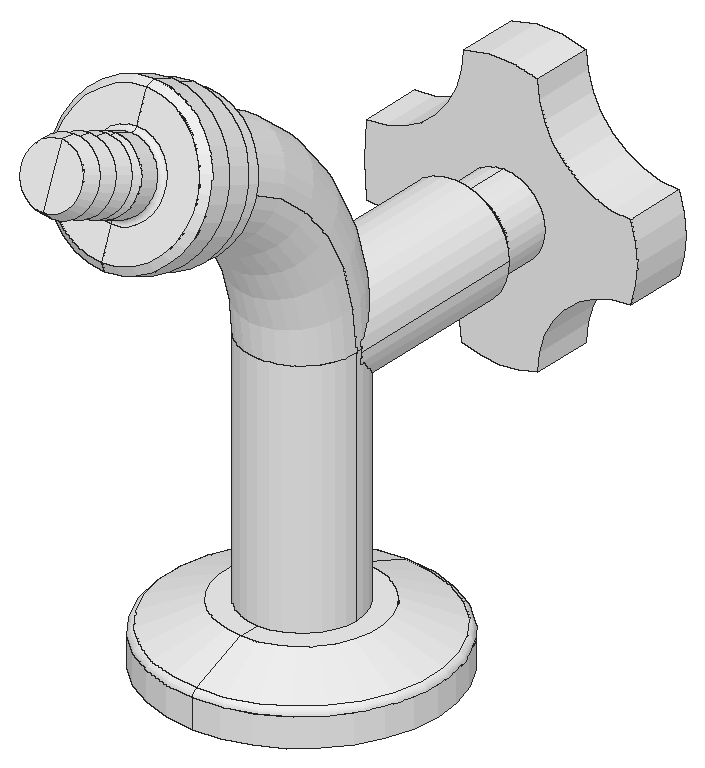
Revit family "Deca_Torneira Jardim Tanque Mangueira Standard_1153.C39", category Plumbing Fixtures, host Face, Revit 2010
Parameters (values of type "1153.C39_Cromado CR10")
  Vendido Separadamente = ""
  Variações de COR = "Cromado (1153.C39)"  # constant formula
  URL = "www.deca.com.br/produtos"
  Torneira = Deca CR10 Cromado Metal
  Segmento = "Competitivo"  # constant formula
  Raio Água Fria = 7.5 mm  # constant formula
  Produto = "Torneira jardim/tanque/mangueira Standard"  # constant formula
  Pressão = "2 A 40 mca"  # constant formula
  Peso Liquido (Kg) = 0.405
  Norma = "ABNT NBR 10281: 2003"  # constant formula
  Model = Código  # "1153.C39"
  Material = "Deca_Latão Cromado e Plástico de Engenharia"  # constant formula
  Manufacturer = "Deca"  # constant formula
  Louça/Metais = "Metal"  # constant formula
  Linha = "Standard"  # constant formula
  Informações Complementares = ""
  Flow Pressure = 0.00 psi
  Diâmetro Água Fria = Raio Água Fria * 2  # 15 mm
  Description = "Torneira jardim/tanque/mangueira"  # constant formula
  Default Elevation = 300 mm
  Código = "1153.C39"  # constant formula
  Criado por = "Contino/quattroD"  # constant formula
  Consumo = "Varia com a pressão"  # constant formula
  CWFU = 0
  Atendimento ao Cliente = "0800-0117073"  # constant formula
  Assembly Code = "D2020"
  Aprovado por = "Contino/quattroD"  # constant formula
  Acompanha o Produto = ""
Reference planes
  plane 1 "Center (Front/Back)": y = -110
  plane 2: z = 0
  plane 3 "Center (Left/Right)": x = 0
  plane 4 "Front 2": z = 110.117
  plane 5 "Front 1": z = 10.474
  plane 6 "Left 1": x = -25
  plane 7 "Top 1": y = -85
  plane 8 "Right 1": x = 24.99
  plane 9 "Bottom 1": y = -135
  plane 10 "Top 2": y = -50.053
Forms (mm)
  Revolve 1, solid, material "Deca CR10 Cromado Metal" <- "Torneira"
    sketch origin (0, 0, 0) x (0, 1, 0) y (0, 0, 1)
      loop
        line (-110, 10.464) -> (-110, 0) -> (-85, 0) -> (-85, 5.212)
        arc (-85, 5.212) -> (-85.301, 5.95) -> (-85.937, 6.43) r 1.5
        line (-85.937, 6.43) -> (-96.124, 10.464) -> (-110, 10.464)
      axis (-110, 0) -> (-110, 10.464)
    angle from 0 to 360
  Sweep 2, solid, material "Deca CR10 Cromado Metal" <- "Torneira"
    path origin (0, 0, 0) x (0, 1, 0) y (0, 0, 1)
      loop
        line (-110, 10.464) -> (-110, 54.301)
        arc (-110, 54.301) -> (-116.589, 76.252) -> (-134.178, 90.945) r 39.857
    profile origin (0, -110, 32.382) x (0, -1, 0) y (1, 0, 0)
      loop
        circle (0, 0) r 10
  Extrusion 3, solid, material "Deca CR10 Cromado Metal" <- "Torneira"
    sketch origin (-237.691, -110, -104.706) x (1, 0, 0) y (0, 0, 1)
      loop
        circle (237.768, 158.687) r 10
    from -34.838 to -1.098
  Extrusion 4, solid, material "Deca CR10 Cromado Metal" <- "Torneira"
    sketch origin (210.938, -104.577, -5.625) x (1, 0, 0) y (0, 0, 1)
      loop
        arc (-204.665, 83.324) -> (-211.488, 84.381) -> (-218.307, 83.299) r 22.289
        arc (-218.307, 83.299) -> (-223.485, 70.799) -> (-235.985, 65.622) r 17.678
        arc (-235.985, 65.622) -> (-236.41, 59.085) -> (-235.985, 52.549) r 50.402
        arc (-235.985, 52.549) -> (-223.749, 47.48) -> (-218.681, 35.245) r 17.304
        arc (-218.681, 35.245) -> (-211.697, 33.97) -> (-204.713, 35.245) r 19.775
        arc (-204.713, 35.245) -> (-199.756, 47.211) -> (-187.789, 52.168) r 16.924
        arc (-187.789, 52.168) -> (-186.478, 59.17) -> (-187.789, 66.173) r 19.347
        arc (-187.789, 66.173) -> (-199.82, 71.213) -> (-204.665, 83.324) r 16.877
    from -51.822 to -40.85
  Revolve 5, solid, material "Deca CR10 Cromado Metal" <- "Torneira"
    sketch origin (0, 0, 0) x (0, 1, 0) y (0, 0, 1)
      loop
        line (-75.162, 53.21) -> (-49.961, 53.21)
        arc (-49.961, 53.21) -> (-50.2, 56.992) -> (-50.914, 60.713) r 29.996
        line (-50.914, 60.713) -> (-72.03, 60.713) -> (-72.03, 59.698) -> (-75.162, 59.698) -> (-75.162, 53.21)
      axis (-75.162, 53.21) -> (-49.961, 53.21)
    angle from 0 to 360
  Revolve 6, solid, material "Deca CR10 Cromado Metal" <- "Torneira"
    sketch origin (0, -5.008, -7.375) x (0, 0.998473, -0.055243) y (0, 0.055243, 0.998473)
      loop
        line (-140.646, 108.073) -> (-141.038, 108.752) -> (-144.98, 110.187) -> (-146.652, 109.408) -> (-148.639, 103.949)
        arc (-148.639, 103.949) -> (-149.157, 103.392) -> (-149.917, 103.36) r 1
        line (-149.917, 103.36) -> (-153.574, 104.691) -> (-156.096, 104.704) -> (-155.805, 105.503) -> (-159.854, 106.072) -> (-159.564, 106.871) -> (-163.613, 107.441) -> (-163.323, 108.239) -> (-166.244, 108.398) -> (-168.142, 103.183) -> (-134.446, 90.92) -> (-131.216, 99.795)
        arc (-131.216, 99.795) -> (-133.009, 101.23) -> (-133.275, 103.498) r 3
        line (-133.275, 103.498) -> (-132.974, 104.323) -> (-136.35, 105.552) -> (-136.092, 106.416) -> (-140.646, 108.073)
      axis (-134.446, 90.92) -> (-168.142, 103.183)
    angle from 0 to 360
Cuts and joins
  joined: Extrusion 4, Revolve 5
Lines and regions (mm)
  Masking region 1
    outline origin (0, -110, 0) x (1, 0, 0) y (0, 0, 1)
      loop
        arc (-24.063, 6.43) -> (-24.751, 5.879) -> (-25.01, 5.036) r 1.5
        line (-25.01, 5.036) -> (-25.01, 0) -> (25.01, 0) -> (25.01, 5.036)
        arc (25.01, 5.036) -> (24.751, 5.879) -> (24.063, 6.43) r 1.5
        line (24.063, 6.43) -> (13.876, 10.464) -> (11.805, 10.464) -> (11.805, 42.932)
        arc (11.805, 42.932) -> (16.975, 46.479) -> (23.099, 47.822) r 16.365
        arc (23.099, 47.822) -> (23.779, 48.1) -> (24.171, 48.721) r 1.207
        arc (24.171, 48.721) -> (24.975, 55.007) -> (24.171, 61.293) r 24.975
        arc (24.171, 61.293) -> (23.864, 61.791) -> (23.33, 62.032) r 0.999
        arc (23.33, 62.032) -> (16.734, 63.485) -> (11.286, 67.479) r 16.365
        line (11.286, 67.479) -> (9.805, 83.683)
        arc (9.805, 83.683) -> (0, 110.187) -> (-9.805, 83.683) r 15.066
        line (-9.805, 83.683) -> (-11.288, 67.457)
        arc (-11.288, 67.457) -> (-16.738, 63.475) -> (-23.332, 62.032) r 16.366
        arc (-23.332, 62.032) -> (-23.865, 61.791) -> (-24.171, 61.293) r 0.999
        arc (-24.171, 61.293) -> (-24.975, 55.007) -> (-24.171, 48.721) r 24.975
        arc (-24.171, 48.721) -> (-23.744, 48.044) -> (-23.003, 47.741) r 1.316
        arc (-23.003, 47.741) -> (-16.932, 46.389) -> (-11.805, 42.871) r 16.365
        line (-11.805, 42.871) -> (-11.805, 10.464) -> (-13.876, 10.464) -> (-24.063, 6.43)
  Masking region 2
    outline origin (0, 0, 0) x (0, 1, 0) y (0, 0, 1)
      loop
        arc (-85, 5.212) -> (-85.301, 5.95) -> (-85.937, 6.43) r 1.5
        line (-85.937, 6.43) -> (-96.124, 10.464) -> (-98.195, 10.464) -> (-98.195, 33.492)
        arc (-98.195, 33.492) -> (-96.085, 38.585) -> (-90.992, 40.695) r 7.203
        line (-90.992, 40.695) -> (-90.992, 42.273) -> (-89.892, 42.273) -> (-89.892, 41.023) -> (-80.964, 41.023) -> (-80.964, 42.173) -> (-75.162, 42.173) -> (-75.162, 46.722) -> (-72.03, 46.722) -> (-72.03, 45.707) -> (-63.727, 45.707) -> (-63.727, 28.235) -> (-55.448, 28.235)
        arc (-55.448, 28.235) -> (-54.854, 28.456) -> (-54.549, 29.013) r 0.909
        arc (-54.549, 29.013) -> (-53.241, 37.078) -> (-52.458, 45.21) r 126
        line (-52.458, 45.21) -> (-51.047, 45.21)
        arc (-51.047, 45.21) -> (-49.972, 54.027) -> (-51.526, 62.773) r 29.996
        line (-51.526, 62.773) -> (-52.458, 62.773)
        arc (-52.458, 62.773) -> (-53.231, 70.829) -> (-54.52, 78.819) r 126
        arc (-54.52, 78.819) -> (-54.792, 79.476) -> (-55.448, 79.748) r 0.929
        line (-55.448, 79.748) -> (-63.727, 79.748) -> (-63.727, 62.275) -> (-72.03, 62.275) -> (-72.03, 61.261) -> (-75.162, 61.261) -> (-75.162, 65.92) -> (-80.964, 65.92) -> (-80.964, 67.07) -> (-89.892, 67.07) -> (-89.892, 65.82) -> (-90.992, 65.82) -> (-90.992, 67.17)
        arc (-90.992, 67.17) -> (-96.903, 68.842) -> (-100.834, 73.561) r 10.383
        arc (-100.834, 73.561) -> (-113.524, 91.003) -> (-132.733, 100.815) r 46.363
        arc (-132.733, 100.815) -> (-133.377, 102.529) -> (-132.905, 104.298) r 3
        line (-132.905, 104.298) -> (-136.35, 105.552) -> (-136.35, 106.51) -> (-141.208, 108.278) -> (-141.89, 109.062) -> (-144.98, 110.187) -> (-146.652, 109.408) -> (-148.635, 103.956)
        arc (-148.635, 103.956) -> (-149.268, 103.346) -> (-150.138, 103.472) r 1
        line (-150.138, 103.472) -> (-153.577, 104.716) -> (-156.098, 104.725) -> (-155.808, 105.524) -> (-159.859, 106.087) -> (-159.569, 106.886) -> (-163.621, 107.448) -> (-163.33, 108.248) -> (-166.243, 108.401) -> (-170.041, 97.968) -> (-167.7, 96.211) -> (-167.409, 97.01) -> (-163.941, 94.843) -> (-163.651, 95.642) -> (-160.182, 93.475) -> (-159.892, 94.274) -> (-157.952, 92.663) -> (-154.295, 91.332)
        arc (-154.295, 91.332) -> (-153.731, 90.815) -> (-153.698, 90.05) r 1
        line (-153.698, 90.05) -> (-155.678, 84.594) -> (-154.897, 82.93) -> (-151.803, 81.807) -> (-150.787, 81.968) -> (-146.013, 80.23) -> (-145.311, 80.932) -> (-141.935, 79.703)
        arc (-141.935, 79.703) -> (-140.532, 82.178) -> (-137.688, 82.255) r 2.894
        arc (-137.688, 82.255) -> (-125.649, 70.557) -> (-121.805, 54.217) r 29.918
        line (-121.805, 54.217) -> (-121.805, 10.464) -> (-123.876, 10.464) -> (-134.063, 6.43)
        arc (-134.063, 6.43) -> (-134.699, 5.95) -> (-135, 5.212) r 1.5
        line (-135, 5.212) -> (-135, 0) -> (-85, 0) -> (-85, 5.212)
  Masking region 3
    outline origin (0, 0, 0) x (1, 0, 0) y (0, 1, 0)
      loop
        arc (-12.27, -88.218) -> (-24.932, -111.838) -> (-8.944, -133.345) r 25
        line (-8.944, -133.345) -> (-8.906, -134.265)
        spline (-8.906, -134.265) -> (-9.547, -134.475) -> (-10.142, -134.699) -> (-10.69, -134.936) -> (-11.187, -135.185) -> (-11.631, -135.445) -> (-12.021, -135.714) -> (-12.353, -135.992) -> (-12.628, -136.276) -> (-12.843, -136.566) -> (-12.997, -136.86) -> (-13.089, -137.156) -> (-13.12, -137.455)
        line (-13.12, -137.455) -> (-13.06, -139.369)
        arc (-13.06, -139.369) -> (-13.764, -140.117) -> (-14.02, -141.112) r 2.062
        line (-14.02, -141.112) -> (-14.02, -144.707)
        arc (-14.02, -144.707) -> (-14.39, -145.242) -> (-14.52, -145.879) r 1.623
        line (-14.52, -145.879) -> (-14.52, -149.821)
        arc (-14.52, -149.821) -> (-14.428, -150.441) -> (-14.158, -151.008) r 2.125
        arc (-14.158, -151.008) -> (-13.448, -151.809) -> (-12.647, -152.519) r 8.931
        arc (-12.647, -152.519) -> (-9.71, -154.241) -> (-6.42, -155.115) r 12.627
        arc (-6.42, -155.115) -> (-6.421, -155.583) -> (-6.366, -156.048) r 3.906
        line (-6.366, -156.048) -> (-5.938, -157.16)
        arc (-5.938, -157.16) -> (-6.34, -157.583) -> (-6.401, -158.163) r 0.906
        line (-6.401, -158.163) -> (-5.8, -160.813)
        arc (-5.8, -160.813) -> (-6.309, -161.254) -> (-6.401, -161.922) r 0.957
        line (-6.401, -161.922) -> (-5.8, -164.571)
        arc (-5.8, -164.571) -> (-6.185, -165.116) -> (-6.381, -165.753) r 2.121
        line (-6.381, -165.753) -> (-5.465, -168.572)
        arc (-5.465, -168.572) -> (-2.867, -169.804) -> (0, -170.034) r 7.975
        arc (0, -170.034) -> (2.867, -169.804) -> (5.465, -168.572) r 7.975
        line (5.465, -168.572) -> (6.381, -165.753)
        arc (6.381, -165.753) -> (6.185, -165.116) -> (5.8, -164.571) r 2.121
        line (5.8, -164.571) -> (6.401, -161.922)
        arc (6.401, -161.922) -> (6.309, -161.254) -> (5.8, -160.813) r 0.957
        line (5.8, -160.813) -> (6.401, -158.163)
        arc (6.401, -158.163) -> (6.34, -157.583) -> (5.938, -157.16) r 0.906
        line (5.938, -157.16) -> (6.366, -156.048)
        arc (6.366, -156.048) -> (6.421, -155.583) -> (6.42, -155.115) r 3.906
        arc (6.42, -155.115) -> (9.71, -154.241) -> (12.647, -152.519) r 12.627
        arc (12.647, -152.519) -> (13.448, -151.809) -> (14.158, -151.008) r 8.931
        arc (14.158, -151.008) -> (14.428, -150.441) -> (14.52, -149.821) r 2.125
        line (14.52, -149.821) -> (14.52, -145.879)
        arc (14.52, -145.879) -> (14.39, -145.242) -> (14.02, -144.707) r 1.623
        line (14.02, -144.707) -> (14.02, -141.112)
        arc (14.02, -141.112) -> (13.764, -140.117) -> (13.06, -139.369) r 2.062
        line (13.06, -139.369) -> (13.12, -137.455)
        spline (13.12, -137.455) -> (13.089, -137.156) -> (12.996, -136.859) -> (12.842, -136.565) -> (12.627, -136.275) -> (12.352, -135.991) -> (12.019, -135.713) -> (11.63, -135.444) -> (11.185, -135.184) -> (10.687, -134.935) -> (10.139, -134.698) -> (9.543, -134.474) -> (8.901, -134.264)
        line (8.901, -134.264) -> (8.944, -133.345)
        arc (8.944, -133.345) -> (24.932, -111.838) -> (12.27, -88.218) r 25
        line (12.27, -88.218) -> (12.27, -75.162) -> (6.52, -75.162) -> (6.52, -72.03) -> (7.523, -72.03) -> (7.523, -63.727) -> (25, -63.727) -> (25, -55.208)
        arc (25, -55.208) -> (24.636, -54.478) -> (23.835, -54.328) r 0.915
        arc (23.835, -54.328) -> (15.965, -53.048) -> (8.02, -52.386) r 102.26
        line (8.02, -52.386) -> (8.02, -51.058)
        arc (8.02, -51.058) -> (0.001, -50.053) -> (-8.02, -51.047) r 32.675
        line (-8.02, -51.047) -> (-8.02, -52.386)
        arc (-8.02, -52.386) -> (-15.965, -53.048) -> (-23.835, -54.328) r 102.26
        arc (-23.835, -54.328) -> (-24.636, -54.478) -> (-25, -55.208) r 0.915
        line (-25, -55.208) -> (-25, -63.727) -> (-7.523, -63.727) -> (-7.523, -72.03) -> (-6.52, -72.03) -> (-6.52, -75.162) -> (-12.27, -75.162) -> (-12.27, -88.218)
  symbolic lines
    curve 1: line (24.063, -110, 6.43) -> (-24.063, -110, 6.43)
    curve 2: line (-25.01, -110, 5.036) -> (25.01, -110, 5.036)
    curve 3: line (-11.805, -110, 10.464) -> (11.805, -110, 10.464)
    curve 4: arc (0, -109.975, 53.979) -> (0, -119.737, 78.073) -> (0, -140.813, 93.29) r 46.992
    curve 5: line (0, -98.195, 10.464) -> (0, -121.805, 10.464)
    curve 6: line (0, -134.063, 6.43) -> (0, -85.937, 6.43)
    curve 7: line (0, -135.01, 5.036) -> (0, -110, 5.036)
    curve 8: line (0, -110, 5.036) -> (0, -84.99, 5.036)
    curve 9: line (0, -109.975, 53.979) -> (0, -121.805, 53.979)
    curve 10: line (0, -100.762, 73.393) -> (0, -109.975, 53.979)
    curve 11: line (0, -90.992, 67.17) -> (0, -109.975, 53.979)
    curve 12: line (0, -98.054, 34.58) -> (0, -109.975, 53.979)
    curve 13: line (0, -90.992, 40.695) -> (0, -109.975, 53.979)
    curve 14: line (0, -90.992, 65.82) -> (0, -90.992, 42.273)
    curve 15: line (0, -89.892, 42.273) -> (0, -89.892, 65.82)
    curve 16: line (0, -75.162, 61.261) -> (0, -75.162, 46.722)
    curve 17: arc (-23.146, -110, 48.822) -> (-23.927, -110, 54.928) -> (-23.147, -110, 61.034) r 24.253
    curve 18: arc (6.112, -110, 31.461) -> (0.009, -110, 30.68) -> (-6.094, -110, 31.46) r 24.253
    curve 19: arc (23.164, -110, 61.034) -> (23.945, -110, 54.929) -> (23.164, -110, 48.823) r 24.249
    curve 20: arc (-6.094, -110, 78.397) -> (0.009, -110, 79.177) -> (6.111, -110, 78.396) r 24.249
    curve 21: arc (-6.094, -110, 78.397) -> (-11.07, -110, 66.229) -> (-23.147, -110, 61.034) r 17.366
    curve 22: arc (23.164, -110, 61.034) -> (11.087, -110, 66.229) -> (6.111, -110, 78.396) r 17.365
    curve 23: arc (23.164, -110, 48.823) -> (11.088, -110, 43.629) -> (6.112, -110, 31.461) r 17.365
    curve 24: arc (-6.094, -110, 31.46) -> (-11.07, -110, 43.628) -> (-23.146, -110, 48.822) r 17.365
    curve 25: circle (0, -110, 54.929) r 8 normal (0, 1, 0)
    curve 26: line (0, -72.03, 61.261) -> (0, -72.03, 46.722)
    curve 27: line (0, -63.727, 62.275) -> (0, -63.727, 45.707)
    curve 28: line (0, -52.458, 45.21) -> (0, -52.458, 62.772)
    curve 29: line (0, -63.727, 60.241) -> (0, -55.218, 60.241)
    curve 30: line (0, -63.727, 59.496) -> (0, -55.207, 59.496)
    curve 31: arc (0, -55.218, 60.241) -> (0, -55.208, 53.583) -> (0, -55.216, 46.925) r 2550.682
    curve 32: arc (0, -54.332, 59.496) -> (0, -54.323, 53.302) -> (0, -54.331, 47.108) r 2379.155
    curve 33: line (0, -55.216, 46.925) -> (0, -63.727, 46.925)
    curve 34: line (0, -55.204, 46.18) -> (0, -63.727, 46.18)
    curve 35: arc (0, -54.331, 47.108) -> (0, -53.389, 42.136) -> (0, -53.241, 37.078) r 32.085
    curve 36: arc (0, -54.331, 47.108) -> (0, -54.764, 46.971) -> (0, -55.216, 46.925) r 2.232
    curve 37: arc (0, -54.331, 47.108) -> (0, -54.574, 46.461) -> (0, -55.204, 46.18) r 0.895
    curve 38: arc (0, -54.331, 59.313) -> (0, -54.764, 59.449) -> (0, -55.216, 59.496) r 2.232
    curve 39: arc (0, -54.331, 59.313) -> (0, -54.574, 59.959) -> (0, -55.204, 60.241) r 0.895
    curve 40: arc (0, -55.204, 60.241) -> (0, -54.262, 69.227) -> (0, -55.448, 78.185) r 38.35
    curve 41: arc (0, -54.331, 59.313) -> (0, -53.389, 64.284) -> (0, -53.241, 69.342) r 32.085
    curve 42: line (-23.298, -63.727, 0) -> (-23.298, -55.381, 0)
    curve 43: line (-6.306, -54.522, 0) -> (-6.306, -63.727, 0)
    curve 44: line (-7.051, -63.727, 0) -> (-7.051, -55.4, 0)
    curve 45: line (6.265, -63.727, 0) -> (6.265, -54.626, 0)
    curve 46: line (7.01, -63.727, 0) -> (7.01, -55.517, 0)
    curve 47: line (23.257, -63.727, 0) -> (23.297, -55.508, 0)
    curve 48: line (7.98, -51.047, 0) -> (-8.02, -51.047, 0)
    curve 49: line (-8.02, -52.386, 0) -> (8.021, -52.386, 0)
    curve 50: line (-6.306, -54.522, 0) -> (6.267, -54.628, 0)
    curve 51: line (7.012, -55.516, 0) -> (-7.051, -55.4, 0)
    curve 52: arc (-7.051, -55.4, 0) -> (-15.174, -54.309, 0) -> (-23.298, -55.4, 0) r 30.779
    curve 53: arc (-6.306, -54.522, 0) -> (-14.84, -53.565, 0) -> (-23.399, -54.256, 0) r 44.747
    curve 54: line (-23.298, -55.4, 0) -> (-25, -55.4, 0)
    curve 55: line (-23.298, -55.381, 0) -> (-23.396, -54.259, 0)
    curve 56: arc (-23.396, -54.259, 0) -> (-24.004, -54.683, 0) -> (-24.192, -55.4, 0) r 1.072
    curve 57: line (-7.523, -63.727, 0) -> (7.523, -63.727, 0)
    curve 58: line (23.297, -55.508, 0) -> (25, -55.508, 0)
    curve 59: line (23.297, -55.508, 0) -> (23.398, -54.357, 0)
    curve 60: arc (23.398, -54.357, 0) -> (24.008, -54.785, 0) -> (24.191, -55.508, 0) r 1.072
    curve 61: line (-6.52, -72.03, 0) -> (6.52, -72.03, 0)
    curve 62: line (6.52, -75.162, 0) -> (-6.52, -75.162, 0)
    curve 63: line (-5.202, -75.162, 0) -> (-5.202, -80.964, 0)
    curve 64: line (-5.202, -80.964, 0) -> (5.161, -80.964, 0)
    curve 65: line (5.161, -80.964, 0) -> (5.161, -75.162, 0)
    curve 66: line (12.27, -88.218, 0) -> (12.27, -89.839, 0)
    curve 67: line (12.27, -89.839, 0) -> (-12.27, -89.839, 0)
    curve 68: line (-12.27, -89.839, 0) -> (-12.27, -88.218, 0)
    curve 69: line (-11.825, -108.551, 0) -> (-11.825, -90.992, 0)
    curve 70: line (-11.825, -90.992, 0) -> (-0.02, -90.992, 0)
    curve 71: line (-0.02, -90.992, 0) -> (11.784, -90.992, 0)
    curve 72: line (11.784, -90.992, 0) -> (11.784, -108.551, 0)
    curve 73: line (10.98, -90.992, 0) -> (10.98, -89.839, 0)
    curve 74: line (-11.02, -89.839, 0) -> (-11.02, -90.992, 0)
    curve 75: arc (0, -91.574, 0) -> (-8.029, -96.689, 0) -> (-11.825, -105.419, 0) r 16.281
    curve 76: arc (11.784, -106.725, 0) -> (8.53, -97.098, 0) -> (0, -91.574, 0) r 15.452
    curve 77: arc (-11.825, -108.551, 0) -> (-0.02, -101.036, 0) -> (11.784, -108.551, 0) r 13.03
    curve 78: arc (11.784, -102.708, 0) -> (13.788, -111.02, 0) -> (10.261, -118.81, 0) r 13.162
    curve 79: arc (11.784, -108.551, 0) -> (9.973, -121.242, 0) -> (8.906, -134.017, 0) r 219.086
    curve 80: arc (-11.825, -102.772, 0) -> (-13.784, -111.058, 0) -> (-10.261, -118.81, 0) r 13.162
    curve 81: arc (-11.825, -108.315, 0) -> (-9.986, -121.123, 0) -> (-8.906, -134.017, 0) r 219.086
    curve 82: arc (8.906, -134.017, 0) -> (0, -131.287, 0) -> (-8.906, -134.017, 0) r 15.892
    curve 83: spline (6.379, -152.202, 0) -> (7.187, -151.455, 0) -> (7.15, -150.667, 0) -> (6.274, -149.928, 0) -> (4.66, -149.327, 0) -> (2.498, -148.933, 0) -> (0.043, -148.793, 0) -> (-2.417, -148.924, 0) -> (-4.593, -149.309, 0) -> (-6.229, -149.905, 0) -> (-7.134, -150.64, 0) -> (-7.2, -151.428, 0) -> (-6.42, -152.178, 0)
    curve 84: line (6.42, -155.115, 0) -> (6.379, -152.202, 0)
    curve 85: line (-6.42, -152.178, 0) -> (-6.42, -155.115, 0)
    curve 86: arc (5.938, -157.16, 0) -> (0, -155.724, 0) -> (-5.938, -157.16, 0) r 12.994
    curve 87: arc (5.8, -160.813, 0) -> (0, -159.561, 0) -> (-5.8, -160.813, 0) r 14.063
    curve 88: arc (5.8, -164.571, 0) -> (0, -163.322, 0) -> (-5.8, -164.571, 0) r 14.09
    curve 89: spline (5.558, -168.082, 0) -> (5.113, -167.623, 0) -> (4.365, -167.199, 0) -> (3.36, -166.835, 0) -> (2.155, -166.552, 0) -> (0.823, -166.368, 0) -> (-0.557, -166.293, 0) -> (-1.905, -166.331, 0) -> (-3.14, -166.481, 0) -> (-4.189, -166.733, 0) -> (-4.991, -167.073, 0) -> (-5.497, -167.48, 0) -> (-5.679, -167.93, 0)
    curve 90: arc (6.404, -155.782, 0) -> (0.003, -153.578, 0) -> (-6.407, -155.753, 0) r 10.465
    curve 91: spline (6.413, -152.135, 0) -> (6.139, -151.559, 0) -> (5.473, -151.025, 0) -> (4.459, -150.569, 0) -> (3.161, -150.219, 0) -> (1.662, -149.997, 0) -> (0.057, -149.918, 0) -> (-1.552, -149.987, 0) -> (-3.061, -150.199, 0) -> (-4.376, -150.54, 0) -> (-5.412, -150.99, 0) -> (-6.104, -151.519, 0) -> (-6.407, -152.094, 0)
    curve 92: spline (13.168, -152.029, 0) -> (12.961, -150.657, 0) -> (11.763, -149.359, 0) -> (9.668, -148.234, 0) -> (6.834, -147.368, 0) -> (3.478, -146.827, 0) -> (-0.143, -146.652, 0) -> (-3.753, -146.856, 0) -> (-7.077, -147.425, 0) -> (-9.86, -148.314, 0) -> (-11.891, -149.456, 0) -> (-13.013, -150.763, 0) -> (-13.142, -152.136, 0)
    curve 93: line (9.805, -110, 83.683) -> (8.9, -110, 91.056)
    curve 94: arc (8.9, -110, 91.056) -> (6.293, -110, 97.349) -> (0, -110, 99.956) r 8.9
    curve 95: arc (9.588, -110, 85.453) -> (0.009, -110, 103.698) -> (-9.637, -110, 85.488) r 11.649
    curve 96: arc (9.805, -110, 83.683) -> (0, -110, 106.462) -> (-9.805, -110, 83.683) r 13.5
    curve 97: arc (-9.805, -110, 83.683) -> (0, -110, 93.488) -> (9.805, -110, 83.683) r 9.805
    curve 98: arc (-9.803, -110, 83.9) -> (0.015, -110, 108.268) -> (9.781, -110, 83.879) r 14.156
    curve 99: line (-9.805, -110, 83.683) -> (-8.9, -110, 91.056)
    curve 100: arc (-8.9, -110, 91.056) -> (-6.293, -110, 97.349) -> (0, -110, 99.956) r 8.9
    curve 101: arc (-8.9, -110, 91.056) -> (-10.227, -110, 91.621) -> (-11.658, -110, 91.795) r 5.14
    curve 102: arc (11.633, -110, 91.779) -> (10.215, -110, 91.613) -> (8.9, -110, 91.056) r 5.05
    curve 103: line (0, -55.448, 78.185) -> (0, -63.727, 78.185)
    curve 104: line (0, -55.448, 78.185) -> (0, -55.448, 79.748)
    curve 105: line (0, -55.448, 29.797) -> (0, -63.727, 29.797)
    curve 106: line (0, -55.448, 29.797) -> (0, -55.448, 28.235)
    curve 107: arc (0, -55.204, 46.18) -> (0, -54.262, 37.973) -> (0, -55.448, 29.797) r 32.06
    curve 108: line (0, -150.138, 103.472) -> (0, -154.295, 91.332)
    curve 109: line (0, -148.635, 103.956) -> (0, -153.766, 89.861)
    curve 110: line (0, -154.897, 82.93) -> (0, -144.977, 110.186)
    curve 111: line (0, -141.89, 109.062) -> (0, -151.803, 81.807)
    curve 112: line (0, -150.787, 81.968) -> (0, -141.208, 108.282)
    curve 113: line (0, -136.35, 106.51) -> (0, -146.013, 80.23)
    curve 114: line (0, -145.311, 80.932) -> (0, -136.356, 105.537)
    curve 115: line (0, -132.733, 100.815) -> (0, -139.354, 82.574)
    curve 116: line (0, -132.905, 104.298) -> (0, -141.828, 80.478)
    curve 117: line (0, -157.952, 92.663) -> (0, -153.576, 104.716)
    curve 118: line (0, -159.892, 94.274) -> (0, -156.098, 104.725)
    curve 119: line (0, -159.859, 106.087) -> (0, -163.651, 95.642)
    curve 120: line (0, -167.409, 97.01) -> (0, -163.613, 107.441)
    curve 121: line (0, -80.964, 65.92) -> (0, -80.964, 42.173)
    curve 122: arc (7.012, -55.516, 0) -> (15.154, -54.414, 0) -> (23.298, -55.505, 0) r 30.779
    curve 123: arc (6.267, -54.628, 0) -> (14.82, -53.663, 0) -> (23.399, -54.354, 0) r 44.747
    curve 124: arc (-7.094, -110, 78.344) -> (-8.188, -110, 72.514) -> (-11.288, -110, 67.457) r 16.366
    curve 125: arc (11.286, -110, 67.479) -> (8.22, -110, 72.477) -> (7.112, -110, 78.236) r 16.365
    curve 126: arc (11.805, -110, 42.932) -> (8.361, -110, 37.732) -> (7.113, -110, 31.622) r 16.365
    curve 127: arc (-7.094, -110, 31.515) -> (-8.328, -110, 37.694) -> (-11.805, -110, 42.949) r 16.365
    curve 128: arc (-6.247, -110, 79.391) -> (-0.037, -110, 80.177) -> (6.175, -110, 79.412) r 25.249
    curve 129: arc (6.112, -110, 30.429) -> (-0.069, -110, 29.681) -> (-6.244, -110, 30.467) r 25.253
    curve 130: arc (-7.094, -110, 78.344) -> (-6.827, -110, 78.994) -> (-6.247, -110, 79.391) r 1.224
    curve 131: arc (7.1, -110, 78.236) -> (6.838, -110, 78.981) -> (6.175, -110, 79.411) r 1.224
    curve 132: arc (-7.094, -110, 31.515) -> (-6.827, -110, 30.863) -> (-6.244, -110, 30.467) r 1.224
    curve 133: arc (7.1, -110, 31.622) -> (6.838, -110, 30.877) -> (6.175, -110, 30.447) r 1.224
    curve 134: line (-6.094, -110, 78.397) -> (-6.247, -110, 79.391)
    curve 135: line (-6.094, -110, 78.397) -> (-7.088, -110, 78.397)
    curve 136: line (6.111, -110, 78.396) -> (6.175, -110, 79.411)
    curve 137: line (6.111, -110, 78.396) -> (7.1, -110, 78.236)
    curve 138: line (23.164, -110, 61.034) -> (23.164, -110, 62.034)
    curve 139: line (23.164, -110, 61.034) -> (24.237, -110, 61.034)
    curve 140: line (23.164, -110, 48.823) -> (24.198, -110, 48.823)
    curve 141: line (23.164, -110, 48.823) -> (23.164, -110, 47.823)
    curve 142: line (6.112, -110, 31.461) -> (7.088, -110, 31.461)
    curve 143: line (6.112, -110, 31.461) -> (6.112, -110, 30.429)
    curve 144: line (-6.094, -110, 31.46) -> (-6.094, -110, 30.429)
    curve 145: line (-6.094, -110, 31.46) -> (-7.115, -110, 31.46)
    curve 146: line (-23.146, -110, 48.822) -> (-23.146, -110, 47.76)
    curve 147: line (-23.146, -110, 48.822) -> (-24.197, -110, 48.822)
    curve 148: line (-23.147, -110, 61.034) -> (-24.237, -110, 61.034)
    curve 149: line (-23.147, -110, 61.034) -> (-23.147, -110, 62.034)
    curve 150: spline (-14.428, -150.441, 0) -> (-13.936, -149.026, 0) -> (-12.495, -147.708, 0) -> (-10.202, -146.575, 0) -> (-7.214, -145.706, 0) -> (-3.734, -145.16, 0) -> (0, -144.974, 0) -> (3.734, -145.16, 0) -> (7.214, -145.706, 0) -> (10.202, -146.575, 0) -> (12.495, -147.708, 0) -> (13.936, -149.026, 0) -> (14.428, -150.441, 0)
    curve 151: arc (8.901, -134.264, 0) -> (-0.003, -132.953, 0) -> (-8.906, -134.265, 0) r 30.888
    curve 152: spline (-13.056, -139.376, 0) -> (-11.782, -138.531, 0) -> (-10.04, -137.788, 0) -> (-7.899, -137.178, 0) -> (-5.444, -136.723, 0) -> (-2.773, -136.444, 0) -> (0.009, -136.35, 0) -> (2.791, -136.445, 0) -> (5.461, -136.726, 0) -> (7.915, -137.181, 0) -> (10.053, -137.793, 0) -> (11.792, -138.536, 0) -> (13.062, -139.382, 0)
    curve 153: spline (-14.018, -144.704, 0) -> (-12.867, -143.758, 0) -> (-11.108, -142.914, 0) -> (-8.823, -142.213, 0) -> (-6.121, -141.687, 0) -> (-3.129, -141.361, 0) -> (0.01, -141.252, 0) -> (3.15, -141.363, 0) -> (6.14, -141.69, 0) -> (8.84, -142.217, 0) -> (11.121, -142.919, 0) -> (12.877, -143.764, 0) -> (14.023, -144.711, 0)
Dimensions and locks
  plane 4 "Front 2" to plane 5 "Front 1" to plane 2 = 99.644 mm, 10.474 mm
  plane 6 "Left 1" to plane 8 "Right 1" = 49.99 mm  (x2)
  plane 4 "Front 2" to plane 2 = 110.117 mm
  plane 2 to plane 4 "Front 2" = 110.117 mm
  plane 7 "Top 1" to plane 9 "Bottom 1" = 50 mm
  plane 2 to plane 5 "Front 1" to plane 4 "Front 2" = 10.474 mm, 99.644 mm
  plane 9 "Bottom 1" to plane 7 "Top 1" to plane 10 "Top 2" = 50 mm, 34.947 mm
  plane 9 "Bottom 1" to plane 10 "Top 2" = 84.947 mm
  plane 10 "Top 2" to plane 7 "Top 1" = 34.947 mm
  plane 10 "Top 2" to plane 9 "Bottom 1" = 84.947 mm
  aligned and locked: host face to plane 2
  aligned and locked: level to host face
Connectors
  piping at (0, -110, 0), driven by "Raio Água Fria", driven by "Flow Pressure", driven by "CWFU"
    settings: on Revolve 1, index 1, connector radius 0.29528", flow factor 0, pipe flow 0 GPM, pressure drop 0.00 psi, fitting loss kfactor 0, connector angle 0.00°, fixture units 0, engagement length 0 mm, flow configuration 3, flow direction 1, fitting loss method 4, system type 20, joint type 0, gender type 0, connector reference index -1, connector utility 0, adjustable connector no, is connector primary yes, fitting loss table "", connector description ""
